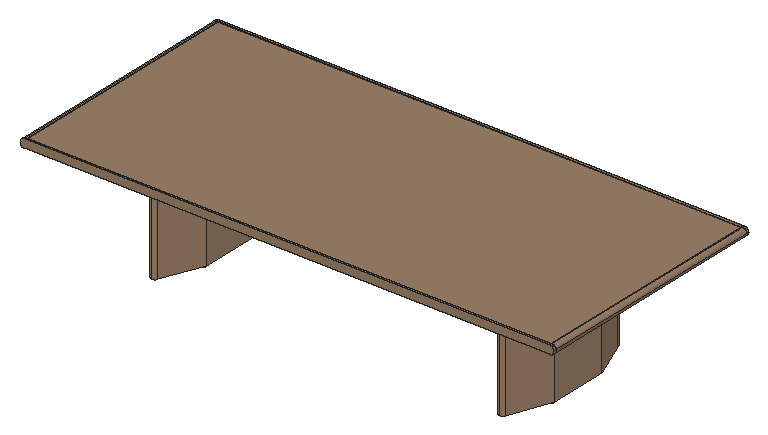
Revit family "Table-Teknion-CFTBFH_Figure_Table_Rectangular_Hexa_Panel_Base_Bullnose_Flat_Edge-R2023", category Furniture, Revit 2023 (continued)
Lines and regions (in)
  symbolic lines, style "FurnitureHiddenLines", visible <- "N - No Central Base", detail levels medium+fine
    curve 306: line (38.26447, -7.932, 0) -> (-38.26447, -7.932, 0)
    curve 307: line (38.69521, -9, 0) -> (-38.69521, -9, 0)
    curve 308: line (-39.47442, -10.932, 0) -> (39.47442, -10.932, 0)
    curve 309: line (39.90516, -12, 0) -> (-39.90516, -12, 0)
  symbolic lines, style "FurnitureHiddenLines", visible <- "H - Hexa Panel", detail levels medium+fine
    curve 326: line (39.90516, 12, 0) -> (3.09484, 12, 0)
    curve 327: line (39.47442, 10.932, 0) -> (3.52558, 10.932, 0)
    curve 328: line (38.69521, 9, 0) -> (4.30479, 9, 0)
    curve 329: line (-38.26447, 7.932, 0) -> (-4.73553, 7.932, 0)
    curve 330: line (38.26447, -7.932, 0) -> (4.73553, -7.932, 0)
    curve 331: line (38.69521, -9, 0) -> (4.30479, -9, 0)
    curve 332: line (-39.47442, -10.932, 0) -> (-3.52558, -10.932, 0)
    curve 333: line (39.90516, -12, 0) -> (3.09484, -12, 0)
    curve 334: line (-3.09484, -12, 0) -> (-39.90516, -12, 0)
    curve 335: line (3.52558, -10.932, 0) -> (39.47442, -10.932, 0)
    curve 336: line (-4.30479, -9, 0) -> (-38.69521, -9, 0)
    curve 337: line (-4.73553, -7.932, 0) -> (-38.26447, -7.932, 0)
    curve 338: line (4.73553, 7.932, 0) -> (38.26447, 7.932, 0)
    curve 339: line (-4.30479, 9, 0) -> (-38.69521, 9, 0)
    curve 340: line (-3.52558, 10.932, 0) -> (-39.47442, 10.932, 0)
    curve 341: line (-3.09484, 12, 0) -> (-39.90516, 12, 0)
Dimensions and locks (in)
  "Width": plane 4 "Left" to plane 5 "Right"
  "Depth": plane 6 "Back" to plane 7 "Front"
  locked: plane 8 "Top" to level at 29
  equal spacing: plane 6 "Back", plane 1 "Center Front/Back", plane 7 "Front"
  equal spacing: plane 4 "Left", plane 3 "Center Left/Right", plane 5 "Right"
  locked: plane 6 "Back" to Sweep 1 sketch curve at 0.56299
  locked: plane 7 "Front" to Sweep 1 sketch curve at 0.56299
  Sweep 1 sketch curve to Sweep 1 sketch curve to plane 5 "Right" = 0.250" locked, 1.000" locked
  plane 8 "Top" to Sweep 1 sketch curve to Sweep 1 sketch curve = 1.000" locked, 1.000" locked  (x2)
  Sweep 1 sketch curve to Sweep 1 sketch curve to plane 4 "Left" = 0.250" locked, 1.000" locked
  locked: plane 8 "Top" to Sweep 2 sketch curve at 2
  locked: plane 4 "Left" to Sweep 2 sketch curve at 1.25
  locked: plane 6 "Back" to Sweep 2 sketch curve at 0.56299
  locked: plane 7 "Front" to Sweep 2 sketch curve at 0.56299
  locked: Sweep 2 sketch curve to plane 5 "Right" at 1.25
  plane 8 "Top" to Sweep 3 sketch curve to Sweep 3 sketch curve = 1.500" locked, 1.000" locked
  locked: plane 4 "Left" to Sweep 3 sketch curve at 6
  locked: plane 7 "Front" to Sweep 3 sketch curve at 6
  locked: plane 6 "Back" to Sweep 3 sketch curve at 6
  locked: Sweep 3 sketch curve to plane 5 "Right" at 6
  Sweep 4 sketch curve to Sweep 4 sketch curve to plane 8 "Top" = 0.750" locked, 1.500" locked
  locked: plane 4 "Left" to Sweep 4 sketch curve at 8
  locked: Sweep 4 sketch curve to plane 5 "Right" at 8
  locked: plane 6 "Back" to Sweep 4 sketch curve at 8
  locked: plane 7 "Front" to Sweep 4 sketch curve at 8
  locked: plane 4 "Left" to Sweep 5 sketch curve at 23
  locked: Sweep 5 sketch curve to plane 5 "Right" at 23
  Sweep 5 sketch curve to Sweep 5 sketch curve to Sweep 5 sketch curve to Sweep 5 sketch curve = 1.068" locked, 1.932" locked, 1.068" locked  (x2)
  plane 8 "Top" to Sweep 5 sketch curve to Sweep 5 sketch curve = 2.250" locked, 8.000" locked
  Sweep 6 sketch curve to Sweep 6 sketch curve to plane 8 "Top" = 14.000" locked, 2.000" locked
  locked: plane 4 "Left" to plane 9 at 23
  locked: plane 10 to plane 5 "Right" at 23
  "Dim 1": plane 9 to plane 11
  "Dim 1": plane 12 to plane 10
  locked: Sweep 7 sketch curve to plane 2 at 14
  "Cut - Central Base - Hexa": Sweep 7 sketch curve to Sweep 7 sketch curve
  Sweep 7 sketch curve to Sweep 7 sketch curve to plane 3 "Center Left/Right" to Sweep 7 sketch curve to Sweep 7 sketch curve = 2.31906" locked, 2.68094" locked, 2.68094" locked, 2.31906" locked  (x2)
  plane 7 "Front" to Sweep 7 sketch curve to Sweep 7 sketch curve = 16.97375" locked, 5.750" locked
  plane 6 "Back" to Sweep 7 sketch curve to Sweep 7 sketch curve = 16.97375" locked, 5.750" locked
  locked: plane 7 "Front" to Sweep 8 sketch curve at 0.56299
  locked: Sweep 8 sketch curve to plane 4 "Left" at 1
  locked: plane 8 "Top" to Sweep 8 sketch curve at 2
  locked: Sweep 8 sketch curve to plane 5 "Right" at 1
  locked: plane 6 "Back" to Sweep 9 sketch curve at 0.56299
  locked: plane 8 "Top" to Sweep 9 sketch curve at 2
  locked: Sweep 9 sketch curve to plane 5 "Right" at 1
  locked: Sweep 9 sketch curve to plane 4 "Left" at 1
  equal spacing: plane 4 "Left", plane 13, plane 14, plane 5 "Right"
  locked: plane 8 "Top" to plane 15 at 1
  locked: plane 8 "Top" to Sweep 10 sketch curve at 5.5
  "Cut - WK - 2 & 3 AF": Sweep 10 sketch curve to Sweep 10 sketch curve
  Sweep 10 sketch curve to Sweep 10 sketch curve to plane 11 to Sweep 10 sketch curve to Sweep 10 sketch curve = 0.500" locked, 8.25004" locked, 8.24996" locked, 0.500" locked
  Sweep 10 sketch curve to Sweep 10 sketch curve to plane 1 "Center Front/Back" to Sweep 10 sketch curve to Sweep 10 sketch curve = 0.500" locked, 3.250" locked, 3.250" locked, 0.500" locked  (x2)
  Sweep 10 sketch curve to Sweep 10 sketch curve to plane 12 to Sweep 10 sketch curve to Sweep 10 sketch curve = 0.500" locked, 8.25004" locked, 8.24996" locked, 0.500" locked
  locked: plane 8 "Top" to Sweep 11 sketch curve at 5.5
  "Cut - WK - 1 & 3 AF": Sweep 11 sketch curve to Sweep 11 sketch curve
  Sweep 11 sketch curve to Sweep 11 sketch curve to plane 3 "Center Left/Right" to Sweep 11 sketch curve to Sweep 11 sketch curve = 0.500" locked, 8.250" locked, 8.250" locked, 0.500" locked
  Sweep 11 sketch curve to Sweep 11 sketch curve to plane 1 "Center Front/Back" to Sweep 11 sketch curve to Sweep 11 sketch curve = 0.500" locked, 3.250" locked, 3.250" locked, 0.500" locked
  locked: Sweep 12 sketch curve to plane 8 "Top" at 2.5
  "Cut - WK - 2 & 3 AF": Sweep 12 sketch curve to Sweep 12 sketch curve
  Sweep 12 sketch curve to Sweep 12 sketch curve to plane 11 to Sweep 12 sketch curve to Sweep 12 sketch curve = 0.3937" locked, 5.52367" locked, 5.52358" locked, 0.3937" locked
  Sweep 12 sketch curve to Sweep 12 sketch curve to plane 1 "Center Front/Back" to Sweep 12 sketch curve to Sweep 12 sketch curve = 0.3937" locked, 2.29921" locked, 2.29921" locked, 0.3937" locked  (x2)
  Sweep 12 sketch curve to Sweep 12 sketch curve to plane 12 to Sweep 12 sketch curve to Sweep 12 sketch curve = 0.3937" locked, 5.52358" locked, 5.52367" locked, 0.3937" locked
  locked: Sweep 13 sketch curve to plane 8 "Top" at 2.5
  "Cut - WK - 1 & 3 AF": Sweep 13 sketch curve to Sweep 13 sketch curve
  Sweep 13 sketch curve to Sweep 13 sketch curve to plane 1 "Center Front/Back" to Sweep 13 sketch curve to Sweep 13 sketch curve = 0.3937" locked, 2.29921" locked, 2.29921" locked, 0.3937" locked
  Sweep 13 sketch curve to Sweep 13 sketch curve to plane 3 "Center Left/Right" to Sweep 13 sketch curve to Sweep 13 sketch curve = 0.3937" locked, 5.52362" locked, 5.52362" locked, 0.3937" locked
  "Cut - Central Base - Softened": Sweep 14 sketch curve to Sweep 14 sketch curve
  locked: plane 8 "Top" to Sweep 14 sketch curve at 14
  Sweep 14 sketch curve to plane 1 "Center Front/Back" to Sweep 14 sketch curve = 13.93709" locked, 13.93709" locked
  Sweep 14 sketch curve to plane 3 "Center Left/Right" to Sweep 14 sketch curve = 5.000" locked, 5.000" locked
  "Dim 2": plane 7 "Front" to Sweep 5 sketch curve
  "Dim 2": Sweep 5 sketch curve to plane 6 "Back"
  "Dim 2": plane 6 "Back" to Sweep 6 sketch curve
  locked: Sweep 6 sketch curve to Sweep 6 sketch curve at 4.068  (x4)
  plane 9 to Sweep 6 sketch curve to Sweep 6 sketch curve = 3.09484" locked, 1.64068" locked  (x2)
  "Dim 2": Sweep 6 sketch curve to plane 7 "Front"
  plane 10 to Sweep 6 sketch curve to Sweep 6 sketch curve = 3.09484" locked, 1.64068" locked  (x2)
  "Dim 2": Sweep 6 sketch curve to plane 6 "Back"
  "Dim 2": plane 7 "Front" to Sweep 6 sketch curve
  aligned and locked: level to plane 2
  aligned and locked: Sweep 1 sketch curve to plane 3 "Center Left/Right"
  aligned and locked: Sweep 1 sketch curve to plane 8 "Top"
  aligned and locked: plane 8 "Top" to Sweep 1 sketch curve
  aligned and locked: Sweep 2 sketch curve to plane 3 "Center Left/Right"
  aligned and locked: plane 8 "Top" to Sweep 2 sketch curve
  aligned and locked: Sweep 3 sketch curve to plane 3 "Center Left/Right"
  aligned and locked: Sweep 4 sketch curve to plane 3 "Center Left/Right"
  aligned and locked: plane 1 "Center Front/Back" to Sweep 5 sketch curve
  aligned and locked: Sweep 5 sketch curve to Sweep 5 sketch curve  (x2)
  aligned and locked: Sweep 6 sketch curve to plane 3 "Center Left/Right"
  aligned and locked: plane 1 "Center Front/Back" to nested 1
  aligned and locked: plane 1 "Center Front/Back" to nested 2
  aligned and locked: plane 9 to nested 2
  aligned and locked: nested 1 to plane 10
  aligned and locked: plane 3 "Center Left/Right" to nested 3
  aligned and locked: plane 1 "Center Front/Back" to nested 3
  aligned and locked: nested 3 to Sweep 7 sketch curve
  aligned and locked: plane 3 "Center Left/Right" to Sweep 8 sketch curve
  aligned and locked: plane 7 "Front" to Sweep 8 sketch curve
  aligned and locked: plane 8 "Top" to Sweep 8 sketch curve
  aligned and locked: plane 4 "Left" to Sweep 8 sketch curve
  aligned and locked: plane 5 "Right" to Sweep 8 sketch curve
  aligned and locked: Sweep 9 sketch curve to plane 3 "Center Left/Right"
  aligned and locked: plane 6 "Back" to Sweep 9 sketch curve
  aligned and locked: plane 8 "Top" to Sweep 9 sketch curve
  aligned and locked: plane 5 "Right" to Sweep 9 sketch curve
  aligned and locked: plane 4 "Left" to Sweep 9 sketch curve
  aligned and locked: Sweep 10 sketch curve to plane 3 "Center Left/Right"
  aligned and locked: plane 3 "Center Left/Right" to Sweep 11 sketch curve
  aligned and locked: plane 11 to nested 5
  aligned and locked: plane 3 "Center Left/Right" to nested 6
  aligned and locked: nested 4 to plane 12
  aligned and locked: plane 8 "Top" to nested 5
  aligned and locked: plane 8 "Top" to nested 6
  aligned and locked: plane 8 "Top" to nested 4
  aligned and locked: Sweep 12 sketch curve to plane 3 "Center Left/Right"
  aligned and locked: plane 3 "Center Left/Right" to Sweep 13 sketch curve
  aligned and locked: plane 3 "Center Left/Right" to Sweep 14 sketch curve
  aligned and locked: plane 1 "Center Front/Back" to nested 5
  aligned and locked: plane 1 "Center Front/Back" to nested 6
  aligned and locked: plane 1 "Center Front/Back" to nested 4
  aligned and locked: plane 3 "Center Left/Right" to nested 7
  aligned and locked: plane 1 "Center Front/Back" to nested 7
  aligned and locked: Sweep 6 sketch curve to nested 2
  aligned and locked: plane 9 to Sweep 6 sketch curve
  aligned and locked: curve 1 to plane 8 "Top"
  aligned and locked: curve 2 to curve 1
  aligned and locked: curve 3 to curve 1
  aligned and locked: Sweep 12 to curve 4
  aligned and locked: curve 5 to Sweep 12
  aligned and locked: curve 6 to plane 8 "Top"
  aligned and locked: curve 7 to plane 8 "Top"
  aligned and locked: plane 4 "Left" to Masking region 1 sketch curve
  aligned and locked: plane 5 "Right" to Masking region 1 sketch curve
  aligned and locked: Masking region 1 sketch curve to plane 6 "Back"
  aligned and locked: Masking region 1 sketch curve to plane 7 "Front"
  aligned and locked: plane 5 "Right" to Masking region 2 sketch curve
  aligned and locked: plane 7 "Front" to Masking region 2 sketch curve
  aligned and locked: Masking region 2 sketch curve to plane 4 "Left"
  aligned and locked: Masking region 2 sketch curve to plane 6 "Back"
  aligned and locked: Masking region 2 sketch curve to nested 6  (x4)
  aligned and locked: Masking region 3 sketch curve to plane 6 "Back"
  aligned and locked: plane 7 "Front" to Masking region 3 sketch curve
  aligned and locked: plane 5 "Right" to Masking region 3 sketch curve
  aligned and locked: Masking region 3 sketch curve to plane 4 "Left"
  aligned and locked: Masking region 3 sketch curve to nested 5  (x4)
  aligned and locked: Masking region 3 sketch curve to nested 4  (x4)
  aligned and locked: Masking region 4 sketch curve to plane 6 "Back"
  aligned and locked: plane 7 "Front" to Masking region 4 sketch curve
  aligned and locked: plane 5 "Right" to Masking region 4 sketch curve
  aligned and locked: Masking region 4 sketch curve to plane 4 "Left"
  aligned and locked: Masking region 4 sketch curve to nested 5  (x4)
  aligned and locked: Masking region 4 sketch curve to nested 6  (x4)
  aligned and locked: Masking region 4 sketch curve to nested 4  (x4)
  aligned and locked: Masking region 5 sketch curve to nested 5  (x12)
  aligned and locked: nested 5 to Masking region 5 sketch curve  (x5)
  aligned and locked: Masking region 5 sketch curve to nested 4  (x14)
  aligned and locked: nested 4 to Masking region 5 sketch curve  (x6)
  aligned and locked: Masking region 6 sketch curve to nested 6  (x14)
  aligned and locked: nested 6 to Masking region 6 sketch curve  (x5)
  aligned and locked: nested 3 to Masking region 7 sketch curve  (x2)
  aligned and locked: Masking region 7 sketch curve to nested 6
  aligned and locked: nested 6 to Masking region 7 sketch curve  (x3)
  aligned and locked: Masking region 7 sketch curve to nested 3  (x2)
  aligned and locked: Sweep 14 to Masking region 8 sketch curve  (x2)
  aligned and locked: nested 6 to Masking region 8 sketch curve  (x7)
  aligned and locked: Masking region 8 sketch curve to nested 7  (x4)
  aligned and locked: Masking region 8 sketch curve to Sweep 14  (x2)
  aligned and locked: Masking region 8 sketch curve to nested 6
  aligned and locked: nested 6 to Masking region 9 sketch curve  (x8)
  aligned and locked: nested 7 to Masking region 9 sketch curve  (x4)
  aligned and locked: Masking region 9 sketch curve to Sweep 14  (x4)
  aligned and locked: curve 8 to nested 5
  aligned and locked: curve 9 to nested 5
  aligned and locked: curve 10 to nested 5
  aligned and locked: curve 11 to nested 5
  aligned and locked: curve 12 to nested 6
  aligned and locked: curve 13 to nested 6
  aligned and locked: curve 14 to nested 6
  aligned and locked: curve 15 to nested 6
  aligned and locked: curve 16 to nested 4
  aligned and locked: curve 17 to nested 4
  aligned and locked: curve 18 to nested 4
  aligned and locked: curve 19 to nested 4
  aligned and locked: curve 21 to nested 5
  aligned and locked: curve 23 to nested 5
  aligned and locked: curve 25 to nested 5
  aligned and locked: curve 27 to nested 5
  aligned and locked: curve 28 to nested 5
  aligned and locked: curve 29 to nested 5
  aligned and locked: curve 30 to nested 5
  aligned and locked: curve 31 to nested 5
  aligned and locked: curve 32 to nested 5
  aligned and locked: curve 33 to nested 5
  aligned and locked: curve 34 to nested 5
  aligned and locked: curve 35 to nested 5
  aligned and locked: curve 36 to nested 5
  aligned and locked: curve 37 to nested 5
  aligned and locked: curve 38 to nested 5
  aligned and locked: curve 39 to nested 5
  aligned and locked: curve 40 to nested 5
  aligned and locked: curve 41 to nested 5
  aligned and locked: curve 42 to nested 5
  aligned and locked: curve 43 to nested 5
  aligned and locked: curve 44 to nested 5
  aligned and locked: curve 45 to nested 5
  aligned and locked: curve 46 to nested 5
  aligned and locked: curve 47 to nested 5
  aligned and locked: curve 49 to nested 6
  aligned and locked: curve 51 to nested 6
  aligned and locked: curve 53 to nested 6
  aligned and locked: curve 55 to nested 6
  aligned and locked: curve 56 to nested 6
  aligned and locked: curve 57 to nested 6
  aligned and locked: curve 58 to nested 6
  aligned and locked: curve 59 to nested 6
  aligned and locked: curve 60 to nested 6
  aligned and locked: curve 61 to nested 6
  aligned and locked: curve 62 to nested 6
  aligned and locked: curve 63 to nested 6
  aligned and locked: curve 64 to nested 6
  aligned and locked: curve 65 to nested 6
  aligned and locked: curve 66 to nested 6
  aligned and locked: curve 67 to nested 6
  aligned and locked: curve 68 to nested 6
  aligned and locked: curve 69 to nested 6
  aligned and locked: curve 70 to nested 6
  aligned and locked: curve 71 to nested 6
  aligned and locked: curve 72 to nested 6
  aligned and locked: curve 73 to nested 6
  aligned and locked: curve 74 to nested 6
  aligned and locked: curve 75 to nested 6
  aligned and locked: curve 77 to nested 4
  aligned and locked: curve 79 to nested 4
  aligned and locked: curve 81 to nested 4
  aligned and locked: curve 83 to nested 4
  aligned and locked: curve 84 to nested 4
  aligned and locked: curve 85 to nested 4
  aligned and locked: curve 86 to nested 4
  aligned and locked: curve 87 to nested 4
  aligned and locked: curve 88 to nested 4
  aligned and locked: curve 89 to nested 4
  aligned and locked: curve 90 to nested 4
  aligned and locked: curve 91 to nested 4
  aligned and locked: curve 92 to nested 4
  aligned and locked: curve 93 to nested 4
  aligned and locked: curve 94 to nested 4
  aligned and locked: curve 95 to nested 4
  aligned and locked: curve 96 to nested 4
  aligned and locked: curve 97 to nested 4
  aligned and locked: curve 98 to nested 4
  aligned and locked: curve 99 to nested 4
  aligned and locked: curve 100 to nested 4
  aligned and locked: curve 101 to nested 4
  aligned and locked: curve 102 to nested 4
  aligned and locked: curve 103 to nested 4
  aligned and locked: curve 105 to Sweep 12
  aligned and locked: curve 107 to Sweep 12
  aligned and locked: curve 109 to Sweep 12
  aligned and locked: curve 111 to Sweep 12
  aligned and locked: curve 113 to Sweep 13
  aligned and locked: curve 115 to Sweep 13
  aligned and locked: curve 117 to Sweep 13
  aligned and locked: curve 119 to Sweep 13
  aligned and locked: curve 121 to Sweep 12
  aligned and locked: curve 123 to Sweep 12
  aligned and locked: curve 125 to Sweep 12
  aligned and locked: curve 127 to Sweep 12
  aligned and locked: curve 128 to cut or joined group of Sweep 2, Sweep 3, Sweep 4, Sweep 10, Sweep 11, Sweep 12, Sweep 13
  aligned and locked: Sweep 1 to curve 129
  aligned and locked: curve 130 to cut or joined group of Sweep 2, Sweep 3, Sweep 4, Sweep 10, Sweep 11, Sweep 12, Sweep 13
  aligned and locked: Sweep 1 to curve 131
  aligned and locked: curve 132 to cut or joined group of Sweep 2, Sweep 3, Sweep 4, Sweep 10, Sweep 11, Sweep 12, Sweep 13
  aligned and locked: curve 133 to cut or joined group of Sweep 2, Sweep 3, Sweep 4, Sweep 10, Sweep 11, Sweep 12, Sweep 13
  aligned and locked: curve 134 to cut or joined group of Sweep 2, Sweep 3, Sweep 4, Sweep 10, Sweep 11, Sweep 12, Sweep 13
  aligned and locked: curve 135 to cut or joined group of Sweep 2, Sweep 3, Sweep 4, Sweep 10, Sweep 11, Sweep 12, Sweep 13
  aligned and locked: curve 136 to cut or joined group of Sweep 2, Sweep 3, Sweep 4, Sweep 10, Sweep 11, Sweep 12, Sweep 13
  aligned and locked: curve 137 to cut or joined group of Sweep 2, Sweep 3, Sweep 4, Sweep 10, Sweep 11, Sweep 12, Sweep 13
  aligned and locked: curve 138 to cut or joined group of Sweep 2, Sweep 3, Sweep 4, Sweep 10, Sweep 11, Sweep 12, Sweep 13
  aligned and locked: curve 139 to cut or joined group of Sweep 2, Sweep 3, Sweep 4, Sweep 10, Sweep 11, Sweep 12, Sweep 13
  aligned and locked: curve 141 to nested 7
  aligned and locked: curve 143 to nested 7
  aligned and locked: curve 145 to nested 7
  aligned and locked: curve 147 to nested 7
  aligned and locked: curve 148 to nested 7
  aligned and locked: curve 149 to nested 7
  aligned and locked: curve 150 to nested 7
  aligned and locked: curve 151 to nested 7
  aligned and locked: curve 155 to nested 7
  aligned and locked: curve 156 to nested 7
  aligned and locked: curve 157 to nested 7
  aligned and locked: curve 158 to nested 7
  aligned and locked: curve 160 to nested 7
  aligned and locked: curve 161 to nested 7
  aligned and locked: curve 162 to nested 7
  aligned and locked: curve 163 to nested 7
  aligned and locked: curve 164 to nested 7
  aligned and locked: curve 165 to nested 7
  aligned and locked: curve 166 to nested 7
  aligned and locked: curve 167 to nested 7
  aligned and locked: curve 168 to nested 7
  aligned and locked: curve 169 to nested 7
  aligned and locked: curve 170 to nested 7
  aligned and locked: curve 171 to nested 7
  aligned and locked: curve 174 to nested 7
  aligned and locked: curve 175 to nested 7
  aligned and locked: curve 176 to nested 7
  aligned and locked: curve 177 to nested 7
  aligned and locked: curve 178 to nested 7
  aligned and locked: curve 179 to nested 7
  aligned and locked: curve 180 to nested 7
  aligned and locked: curve 181 to nested 7
  aligned and locked: curve 182 to nested 7
  aligned and locked: curve 183 to nested 7
  aligned and locked: curve 184 to nested 7
  aligned and locked: curve 185 to nested 7
  aligned and locked: curve 186 to nested 7
  aligned and locked: curve 187 to nested 7
  aligned and locked: curve 188 to nested 7
  aligned and locked: curve 189 to nested 7
  aligned and locked: curve 191 to Sweep 10
  aligned and locked: curve 193 to Sweep 10
  aligned and locked: curve 195 to Sweep 10
  aligned and locked: curve 197 to Sweep 10
  aligned and locked: curve 199 to Sweep 10
  aligned and locked: curve 201 to Sweep 10
  aligned and locked: curve 203 to Sweep 10
  aligned and locked: curve 205 to Sweep 10
  aligned and locked: curve 207 to Sweep 11
  aligned and locked: curve 209 to Sweep 11
  aligned and locked: curve 211 to Sweep 11
  aligned and locked: curve 213 to Sweep 11
  aligned and locked: curve 214 to plane 6 "Back"
  aligned and locked: plane 7 "Front" to curve 215
  aligned and locked: curve 216 to plane 4 "Left"
  aligned and locked: plane 5 "Right" to curve 217
  aligned and locked: curve 218 to nested 2
  aligned and locked: curve 219 to nested 2
  aligned and locked: curve 220 to nested 2
  aligned and locked: curve 221 to nested 2
  aligned and locked: curve 222 to nested 2
  aligned and locked: curve 223 to nested 2
  aligned and locked: curve 224 to nested 2
  aligned and locked: curve 225 to nested 2
  aligned and locked: curve 226 to nested 1
  aligned and locked: curve 227 to nested 1
  aligned and locked: curve 228 to nested 1
  aligned and locked: curve 229 to nested 1
  aligned and locked: curve 230 to nested 1
  aligned and locked: curve 231 to nested 1
  aligned and locked: curve 232 to nested 1
  aligned and locked: curve 233 to nested 1
  aligned and locked: curve 234 to nested 3
  aligned and locked: curve 235 to nested 3
  aligned and locked: curve 236 to nested 3
  aligned and locked: curve 237 to nested 3
  aligned and locked: curve 238 to nested 3
  aligned and locked: curve 239 to nested 3
  aligned and locked: curve 240 to nested 3
  aligned and locked: curve 241 to nested 3
  aligned and locked: curve 242 to nested 2
  aligned and locked: curve 243 to nested 2
  aligned and locked: curve 244 to nested 2
  aligned and locked: curve 245 to nested 2
  aligned and locked: curve 246 to nested 2
  aligned and locked: curve 247 to nested 2
  aligned and locked: curve 248 to nested 2
  aligned and locked: curve 249 to nested 2
  aligned and locked: curve 250 to nested 3
  aligned and locked: curve 251 to nested 3
  aligned and locked: curve 252 to nested 3
  aligned and locked: curve 253 to nested 3
  aligned and locked: curve 254 to nested 3
  aligned and locked: curve 255 to nested 3
  aligned and locked: curve 256 to nested 3
  aligned and locked: curve 257 to nested 3
  aligned and locked: curve 258 to nested 1
  aligned and locked: curve 259 to nested 1
  aligned and locked: curve 260 to nested 1
  aligned and locked: curve 261 to nested 1
  aligned and locked: curve 262 to nested 1
  aligned and locked: curve 263 to nested 1
  aligned and locked: curve 264 to nested 1
  aligned and locked: curve 265 to nested 1
  aligned and locked: curve 266 to nested 2
  aligned and locked: curve 267 to nested 2
  aligned and locked: curve 268 to nested 2
  aligned and locked: curve 269 to nested 2
  aligned and locked: curve 270 to nested 2
  aligned and locked: curve 271 to nested 2
  aligned and locked: curve 272 to nested 2
  aligned and locked: curve 273 to nested 2
  aligned and locked: curve 274 to nested 2
  aligned and locked: curve 275 to nested 2
  aligned and locked: curve 276 to nested 2
  aligned and locked: curve 277 to nested 2
  aligned and locked: curve 278 to nested 1
  aligned and locked: curve 279 to nested 1
  aligned and locked: curve 280 to nested 1
  aligned and locked: curve 281 to nested 1
  aligned and locked: curve 282 to nested 1
  aligned and locked: curve 283 to nested 1
  aligned and locked: curve 284 to nested 1
  aligned and locked: curve 285 to nested 1
  aligned and locked: curve 286 to nested 1
  aligned and locked: curve 287 to nested 1
  aligned and locked: curve 288 to nested 1
  aligned and locked: curve 289 to nested 1
  aligned and locked: curve 290 to nested 3
  aligned and locked: curve 291 to nested 3
  aligned and locked: curve 292 to nested 3
  aligned and locked: curve 293 to nested 3
  aligned and locked: curve 294 to nested 3
  aligned and locked: curve 295 to nested 3
  aligned and locked: curve 296 to nested 3
  aligned and locked: curve 297 to nested 3
  aligned and locked: curve 298 to nested 3
  aligned and locked: curve 299 to nested 3
  aligned and locked: curve 300 to nested 3
  aligned and locked: curve 301 to nested 3
  aligned and locked: curve 302 to cut or joined group of Sweep 5, Sweep 6, Sweep 7, Sweep 14
  aligned and locked: curve 303 to cut or joined group of Sweep 5, Sweep 6, Sweep 7, Sweep 14
  aligned and locked: curve 304 to cut or joined group of Sweep 5, Sweep 6, Sweep 7, Sweep 14
  aligned and locked: curve 305 to cut or joined group of Sweep 5, Sweep 6, Sweep 7, Sweep 14
  aligned and locked: curve 306 to cut or joined group of Sweep 5, Sweep 6, Sweep 7, Sweep 14
  aligned and locked: curve 307 to cut or joined group of Sweep 5, Sweep 6, Sweep 7, Sweep 14
  aligned and locked: curve 308 to cut or joined group of Sweep 5, Sweep 6, Sweep 7, Sweep 14
  aligned and locked: curve 309 to cut or joined group of Sweep 5, Sweep 6, Sweep 7, Sweep 14
  aligned and locked: curve 310 to cut or joined group of Sweep 5, Sweep 6, Sweep 7, Sweep 14
  aligned and locked: curve 311 to cut or joined group of Sweep 5, Sweep 6, Sweep 7, Sweep 14
  aligned and locked: curve 312 to cut or joined group of Sweep 5, Sweep 6, Sweep 7, Sweep 14
  aligned and locked: curve 313 to cut or joined group of Sweep 5, Sweep 6, Sweep 7, Sweep 14
  aligned and locked: curve 314 to cut or joined group of Sweep 5, Sweep 6, Sweep 7, Sweep 14
  aligned and locked: curve 315 to cut or joined group of Sweep 5, Sweep 6, Sweep 7, Sweep 14
  aligned and locked: curve 316 to cut or joined group of Sweep 5, Sweep 6, Sweep 7, Sweep 14
  aligned and locked: curve 317 to cut or joined group of Sweep 5, Sweep 6, Sweep 7, Sweep 14
  aligned and locked: cut or joined group of Sweep 5, Sweep 6, Sweep 7, Sweep 14 to curve 325
  aligned and locked: cut or joined group of Sweep 5, Sweep 6, Sweep 7, Sweep 14 to curve 323
  aligned and locked: cut or joined group of Sweep 5, Sweep 6, Sweep 7, Sweep 14 to curve 322
  aligned and locked: cut or joined group of Sweep 5, Sweep 6, Sweep 7, Sweep 14 to curve 324
  aligned and locked: cut or joined group of Sweep 5, Sweep 6, Sweep 7, Sweep 14 to curve 318
  aligned and locked: cut or joined group of Sweep 5, Sweep 6, Sweep 7, Sweep 14 to curve 319
  aligned and locked: cut or joined group of Sweep 5, Sweep 6, Sweep 7, Sweep 14 to curve 320
  aligned and locked: cut or joined group of Sweep 5, Sweep 6, Sweep 7, Sweep 14 to curve 321
  aligned and locked: curve 326 to cut or joined group of Sweep 5, Sweep 6, Sweep 7, Sweep 14
  aligned and locked: curve 327 to cut or joined group of Sweep 5, Sweep 6, Sweep 7, Sweep 14
  aligned and locked: curve 328 to cut or joined group of Sweep 5, Sweep 6, Sweep 7, Sweep 14
  aligned and locked: curve 329 to cut or joined group of Sweep 5, Sweep 6, Sweep 7, Sweep 14
  aligned and locked: curve 330 to cut or joined group of Sweep 5, Sweep 6, Sweep 7, Sweep 14
  aligned and locked: curve 331 to cut or joined group of Sweep 5, Sweep 6, Sweep 7, Sweep 14
  aligned and locked: curve 332 to cut or joined group of Sweep 5, Sweep 6, Sweep 7, Sweep 14
  aligned and locked: curve 333 to cut or joined group of Sweep 5, Sweep 6, Sweep 7, Sweep 14
  aligned and locked: cut or joined group of Sweep 5, Sweep 6, Sweep 7, Sweep 14 to curve 334
  aligned and locked: cut or joined group of Sweep 5, Sweep 6, Sweep 7, Sweep 14 to curve 335
  aligned and locked: cut or joined group of Sweep 5, Sweep 6, Sweep 7, Sweep 14 to curve 336
  aligned and locked: cut or joined group of Sweep 5, Sweep 6, Sweep 7, Sweep 14 to curve 337
  aligned and locked: cut or joined group of Sweep 5, Sweep 6, Sweep 7, Sweep 14 to curve 338
  aligned and locked: cut or joined group of Sweep 5, Sweep 6, Sweep 7, Sweep 14 to curve 339
  aligned and locked: cut or joined group of Sweep 5, Sweep 6, Sweep 7, Sweep 14 to curve 340
  aligned and locked: cut or joined group of Sweep 5, Sweep 6, Sweep 7, Sweep 14 to curve 341
  aligned and locked: plane 3 "Center Left/Right" to nested 8
  aligned and locked: plane 1 "Center Front/Back" to nested 8
  aligned and locked: plane 7 "Front" to curve 342
  aligned and locked: plane 6 "Back" to curve 345
  aligned and locked: curve 344 to cut or joined group of Sweep 2, Sweep 3, Sweep 4, Sweep 10, Sweep 11, Sweep 12, Sweep 13
  aligned and locked: Sweep 1 to curve 344
  aligned and locked: cut or joined group of Sweep 2, Sweep 3, Sweep 4, Sweep 10, Sweep 11, Sweep 12, Sweep 13 to curve 343
  aligned and locked: curve 343 to Sweep 1
  aligned and locked: curve 348 to cut or joined group of Sweep 2, Sweep 3, Sweep 4, Sweep 10, Sweep 11, Sweep 12, Sweep 13
  aligned and locked: Sweep 1 to curve 348
  aligned and locked: plane 6 "Back" to curve 349
  aligned and locked: plane 7 "Front" to curve 346
  aligned and locked: curve 347 to Sweep 1
  aligned and locked: cut or joined group of Sweep 2, Sweep 3, Sweep 4, Sweep 10, Sweep 11, Sweep 12, Sweep 13 to curve 347
  aligned and locked: curve 352 to cut or joined group of Sweep 2, Sweep 3, Sweep 4, Sweep 10, Sweep 11, Sweep 12, Sweep 13
  aligned and locked: cut or joined group of Sweep 2, Sweep 3, Sweep 4, Sweep 10, Sweep 11, Sweep 12, Sweep 13 to curve 351
  aligned and locked: curve 351 to Sweep 1
  aligned and locked: plane 7 "Front" to curve 350
  aligned and locked: Sweep 1 to curve 352
  aligned and locked: plane 6 "Back" to curve 353
Automatic sketch dimensions
  Sweep 1 sketch curve to Sweep 1 sketch curve = 0.000"  (x2)
  Sweep 8 sketch curve to Sweep 8 sketch curve = 0.000"  (x2)
  Sweep 9 sketch curve to Sweep 9 sketch curve = 0.000"  (x2)
  Sweep 6 sketch curve to Sweep 6 sketch curve = 3.09484"  (x2)
  curve 6 to plane 6 "Back" = 0.000"
  curve 4 to plane 15 = 0.500"
  curve 5 to plane 15 = 1.000"
  curve 10 to curve 11 = 0.07208"
  curve 8 to curve 27 = 0.000"
  curve 21 to curve 11 = 0.000"
  curve 11 to curve 22 = 0.000"
  curve 8 to curve 25 = 0.000"
  curve 8 to curve 9 = 0.07208"
  curve 9 to curve 29 = 0.29867"
  curve 28 to curve 9 = 0.29867"
  curve 10 to curve 41 = 0.29724"
  curve 40 to curve 10 = 0.29724"
  curve 49 to curve 15 = 0.000"
  curve 54 to curve 12 = 0.000"  (x2)
  curve 15 to curve 50 = 0.000"
  curve 13 to curve 58 = 0.29867"
  curve 56 to curve 13 = 0.29867"
  curve 14 to curve 66 = 0.29724"
  curve 68 to curve 14 = 0.29724"
  curve 77 to curve 19 = 0.000"
  curve 82 to curve 16 = 0.000"
  curve 79 to curve 19 = 0.000"
  curve 16 to curve 81 = 0.000"
  curve 17 to curve 85 = 0.29867"
  curve 85 to curve 17 = 0.29867"
  curve 18 to curve 94 = 0.29724"
  curve 96 to curve 18 = 0.29724"
  curve 130 to plane 5 "Right" = 0.000"
  curve 131 to plane 7 "Front" = 0.56299"
  curve 128 to plane 5 "Right" = 0.000"
  curve 131 to plane 6 "Back" = 0.56299"
  curve 128 to plane 4 "Left" = 0.000"
  curve 129 to plane 6 "Back" = 0.56299"
  curve 130 to plane 4 "Left" = 0.000"
  curve 129 to plane 7 "Front" = 0.56299"
  curve 174 to curve 163 = 0.000"
  curve 174 to curve 162 = 0.000"
  curve 175 to curve 157 = 0.000"
  curve 175 to curve 158 = 0.000"
  curve 176 to curve 158 = 0.000"
  curve 182 to curve 182 = 0.000"
  curve 143 to curve 182 = 0.354"
  curve 141 to curve 184 = 0.354"
  curve 185 to curve 184 = 0.000"
  curve 187 to curve 186 = 0.000"
  curve 187 to curve 147 = 0.354"
  curve 189 to curve 145 = 0.354"
  curve 188 to curve 189 = 0.000"
  curve 318 to plane 3 "Center Left/Right" = 5.000"
  plane 3 "Center Left/Right" to curve 311 = 5.000"
  curve 312 to curve 321 = 0.000"
  plane 3 "Center Left/Right" to curve 317 = 5.000"
  plane 3 "Center Left/Right" to curve 310 = 5.000"
  curve 319 to curve 318 = 0.000"
  plane 3 "Center Left/Right" to curve 312 = 5.000"
  curve 313 to curve 236 = 0.000"
  plane 3 "Center Left/Right" to curve 315 = 5.000"
  curve 314 to curve 315 = 0.000"
  curve 316 to curve 323 = 0.000"
  curve 325 to curve 316 = 0.000"
  curve 324 to curve 317 = 0.000"
  curve 325 to curve 334 = 1.90516"
  curve 322 to curve 337 = 0.26447"
  curve 320 to curve 339 = 0.69521"
  plane 1 "Center Front/Back" to curve 1 = 2.69291"
  plane 8 "Top" to curve 353 = 0.000"
Nested families (in)
  nested 1: "Hexa Panel" at (43, 0, 0), Panel Width <- "Panel Width", Base Finish <- "Base Finish", Glide Finish <- "Glide Finish", type "Hexa Panel"
    with To render please download texture images found here "https://assets.teknion.com/web/5e81352c1dfdb467/revit-material-swatches/", Panel Width 36.000", How To Use Teknion Materials User Guide "https://assets.teknion.com/m/205dd0a49fa58060/original/How-to-add-a-Material-Library-and-Texture-Images-to-your-Revit-project.pdf", Glide Finish Paint - Teknion - Foundation - Sand, For Additional Finishes please visit "https://assets.teknion.com/m/44a8009b046e5d47/original/Teknion_Materials_Library.zip", Base Finish Veneer-Teknion-LX-Natural_Veneer_V3-Sierra_Flat_Cut
  nested 2: "Hexa Panel" at (-43, 0, 0), Panel Width <- "Panel Width", Base Finish <- "Base Finish", Glide Finish <- "Glide Finish", type "Hexa Panel"
    with To render please download texture images found here "https://assets.teknion.com/web/5e81352c1dfdb467/revit-material-swatches/", Panel Width 36.000", How To Use Teknion Materials User Guide "https://assets.teknion.com/m/205dd0a49fa58060/original/How-to-add-a-Material-Library-and-Texture-Images-to-your-Revit-project.pdf", Glide Finish Paint - Teknion - Foundation - Sand, For Additional Finishes please visit "https://assets.teknion.com/m/44a8009b046e5d47/original/Teknion_Materials_Library.zip", Base Finish Veneer-Teknion-LX-Natural_Veneer_V3-Sierra_Flat_Cut
  nested 3: "Hexa Panel" at (0, 0, 0), Panel Width <- "Panel Width", visible <- "2D - Hexa Panel", Base Finish <- "Base Finish", Glide Finish <- "Glide Finish", type "Hexa Panel"
    with To render please download texture images found here "https://assets.teknion.com/web/5e81352c1dfdb467/revit-material-swatches/", Panel Width 36.000", How To Use Teknion Materials User Guide "https://assets.teknion.com/m/205dd0a49fa58060/original/How-to-add-a-Material-Library-and-Texture-Images-to-your-Revit-project.pdf", Glide Finish Paint - Teknion - Foundation - Sand, For Additional Finishes please visit "https://assets.teknion.com/m/44a8009b046e5d47/original/Teknion_Materials_Library.zip", Base Finish Veneer-Teknion-LX-Natural_Veneer_V3-Sierra_Flat_Cut
  nested 4: "12 Inch Standard Recessed Access Door" at (-1310, 150, -0.06), Finish <- "Power Cover Finish", visible <- "Power - 2 & 3", type "12 Inch Compact Recessed Access Door"
    with To render please download texture images found here "https://assets.teknion.com/web/5e81352c1dfdb467/revit-material-swatches/", How To Use Teknion Materials User Guide "https://assets.teknion.com/m/205dd0a49fa58060/original/How-to-add-a-Material-Library-and-Texture-Images-to-your-Revit-project.pdf", For Additional Finishes please visit "https://assets.teknion.com/m/44a8009b046e5d47/original/Teknion_Materials_Library.zip", Finish Paint - Teknion - Foundation - Sand
  nested 5: "12 Inch Standard Recessed Access Door" at (-1390, 150, -0.06), Finish <- "Power Cover Finish", visible <- "Power - 2 & 3", type "12 Inch Compact Recessed Access Door"
    with To render please download texture images found here "https://assets.teknion.com/web/5e81352c1dfdb467/revit-material-swatches/", How To Use Teknion Materials User Guide "https://assets.teknion.com/m/205dd0a49fa58060/original/How-to-add-a-Material-Library-and-Texture-Images-to-your-Revit-project.pdf", For Additional Finishes please visit "https://assets.teknion.com/m/44a8009b046e5d47/original/Teknion_Materials_Library.zip", Finish Paint - Teknion - Foundation - Sand
  nested 6: "12 Inch Standard Recessed Access Door" at (-1350, 150, -0.06), Finish <- "Power Cover Finish", visible <- "Power - 1 & 3", type "12 Inch Compact Recessed Access Door"
    with To render please download texture images found here "https://assets.teknion.com/web/5e81352c1dfdb467/revit-material-swatches/", How To Use Teknion Materials User Guide "https://assets.teknion.com/m/205dd0a49fa58060/original/How-to-add-a-Material-Library-and-Texture-Images-to-your-Revit-project.pdf", For Additional Finishes please visit "https://assets.teknion.com/m/44a8009b046e5d47/original/Teknion_Materials_Library.zip", Finish Paint - Teknion - Foundation - Sand
  nested 7: "Softened Panel" at (0, 0, 0), Panel Width <- "Panel Width", visible <- "S - Softened Panel", Base Finish <- "Base Finish", Glide Finish <- "Glide Finish", type "Softened Panel"
    with To render please download texture images found here "https://assets.teknion.com/web/5e81352c1dfdb467/revit-material-swatches/", Panel Width 36.000", How To Use Teknion Materials User Guide "https://assets.teknion.com/m/205dd0a49fa58060/original/How-to-add-a-Material-Library-and-Texture-Images-to-your-Revit-project.pdf", Glide Finish Paint - Teknion - Foundation - Sand, For Additional Finishes please visit "https://assets.teknion.com/m/44a8009b046e5d47/original/Teknion_Materials_Library.zip", Cut 3 0.300", Cut 2 0.300", Cut 1 15.000", Base Finish Veneer-Teknion-LX-Natural_Veneer_V3-Sierra_Flat_Cut, 2D - 36W yes, 2D - 30W no
  nested 8: "Teknion_2D_Node_Family-R2016" at (0, 0, 0), type "Teknion_2D_Node_Family-R2016"
Definition of nested family "Hexa Panel"
  Parameters (values of type "Hexa Panel")
    Warranty = "http://www.teknion.com/ca/papers/legal-canada"
    Unit Weight URL = "http://www.teknion.com/ca/tools/assets#&asset=bee6a381-b954-425e-8283-5a2de3a804f2,f828d448-4b62-4231-9e5f-9a8991c0ed77"
    URL = "www.teknion.com"
    To render please download texture images found here [instance] = "https://assets.teknion.com/web/5e81352c1dfdb467/revit-material-swatches/"
    Sustainability Data = "https://www.teknion.com/ca/tools/assets#&topic=216f99a5-57a0-44fc-b10a-9dee9b29ae4c&asset=444deb64-fe58-4b68-981e-f75e97781df7,b4ff2d81-9f2e-437d-9659-7cffb09c31cf"
    Series = ""
    Product Page URL = ""
    Product Line = ""
    Product Documentation Link = ""
    Part Number = ""
    Panel Width [instance] = 36.000"
    Model = ""
    Manufacturer Phone = "416-661-3370"  # constant formula
    Manufacturer Fax = "416.661.4586"  # constant formula
    Manufacturer Contact Information = "http://www.teknion.com/ca/contactus"
    Manufacturer Address = "1150 Flint Road, Toronto, ON. M3J 2J5. Canada"  # constant formula
    Manufacturer = "Teknion"  # constant formula
    How To Use Teknion Materials User Guide [instance] = "https://assets.teknion.com/m/205dd0a49fa58060/original/How-to-add-a-Material-Library-and-Texture-Images-to-your-Revit-project.pdf"
    Glide Finish [instance] = none
    For Additional Finishes please visit [instance] = "https://assets.teknion.com/m/44a8009b046e5d47/original/Teknion_Materials_Library.zip"
    Description = "Hexa Panel"
    Default Elevation = 0.000"
    Base Finish [instance] = none
    Assembly Code = "E2020200"
  Reference planes (in)
    plane 1 "Center Front/Back": y = 0
    plane 2: z = 0
    plane 3 "Center Left/Right": x = 0
    plane 4 "Left": x = -5
    plane 5 "Right": x = 5
    plane 6 "Back": y = 18
    plane 7 "Front": y = -18
    plane 8 "Top": z = 26.75
    plane 9 "1": y = -15.5
    plane 10 "2": y = -7.06461
    plane 11 "4": y = 15.5
    plane 12 "3": y = 7.06461
    plane 13: z = 0.5
  Forms (in)
    Sweep 1, solid, material <- "Base Finish"
      path origin (0, 0, 0) x (1, 0, 0) y (0, 0, 1)
        loop
          line (0, 26.75) -> (0, 0.5)
      profile origin (0, 0, 13.625) x (0, -1, 0) y (1, 0, 0)
        loop
          line (-7.27625, 5) -> (-17.37404, 0.92741)
          arc (-17.37404, 0.92741) -> (-17.82887, 0.55945) -> (-18, 0) r 1
          arc (-18, 0) -> (-17.82887, -0.55945) -> (-17.37404, -0.92741) r 1
          line (-17.37404, -0.92741) -> (-7.27625, -5) -> (7.27625, -5) -> (17.37404, -0.92741)
          arc (17.37404, -0.92741) -> (17.82887, -0.55945) -> (18, 0) r 1
          arc (18, 0) -> (17.82887, 0.55945) -> (17.37404, 0.92741) r 1
          line (17.37404, 0.92741) -> (7.27625, 5) -> (-7.27625, 5)
    Sweep 2, void
      path origin (0, 0, 0) x (1, 0, 0) y (0, 0, 1)
        loop
          line (0, 26) -> (0, 1.25)
      profile origin (0, 0, 13.625) x (0, -1, 0) y (1, 0, 0)
        loop
          line (-7.25333, -4.88189) -> (7.25333, -4.88189) -> (17.13189, -0.89772) -> (17.13189, 0.89772) -> (7.25333, 4.88189) -> (-7.25333, 4.88189) -> (-17.13189, 0.89772) -> (-17.13189, -0.89772) -> (-7.25333, -4.88189)
    Sweep 3, void
      path origin (0, 0, 0) x (1, 0, 0) y (0, 0, 1)
        loop
          line (0, 28.75) -> (0, -2.25)
      profile origin (0, 0, 13.25) x (0, -1, 0) y (1, 0, 0)
        loop
          line (6.8652, -2.88189) -> (11.71124, -0.92741)
          arc (11.71124, -0.92741) -> (12.16607, -0.55945) -> (12.3372, 0) r 1
          arc (12.3372, 0) -> (12.16607, 0.55945) -> (11.71124, 0.92741) r 1
          line (11.71124, 0.92741) -> (6.8652, 2.88189) -> (-6.8652, 2.88189) -> (-11.71124, 0.92741)
          arc (-11.71124, 0.92741) -> (-12.16607, 0.55945) -> (-12.3372, 0) r 1
          arc (-12.3372, 0) -> (-12.16607, -0.55945) -> (-11.71124, -0.92741) r 1
          line (-11.71124, -0.92741) -> (-6.8652, -2.88189) -> (6.8652, -2.88189)
    Revolve 4, solid, material <- "Glide Finish"
      sketch origin (0, -15.5, 0) x (-1, 0, 0) y (0, 0, 1)
        loop
          line (0, 0.25) -> (0, 0) -> (0.5, 0) -> (0.5, 0.25) -> (0, 0.25)
        axis (0, 0.25) -> (0, 0)
      angle from 0 to 360
    Revolve 5, solid, material <- "Glide Finish"
      sketch origin (0, -7.06461, 0) x (-1, 0, 0) y (0, 0, 1)
        loop
          line (3.90943, 0.25) -> (3.90943, 0) -> (4.40943, 0) -> (4.40943, 0.25) -> (3.90943, 0.25)
        axis (3.90943, 0.25) -> (3.90943, 0)
      angle from 0 to 360
    Revolve 6, solid, material <- "Glide Finish"
      sketch origin (7.81887, -7.06461, 0) x (-1, 0, 0) y (0, 0, 1)
        loop
          line (3.90943, 0.25) -> (3.90943, 0) -> (4.40943, 0) -> (4.40943, 0.25) -> (3.90943, 0.25)
        axis (3.90943, 0.25) -> (3.90943, 0)
      angle from 0 to 360
    Revolve 7, solid, material <- "Glide Finish"
      sketch origin (0, 7.06461, 0) x (-1, 0, 0) y (0, 0, 1)
        loop
          line (3.90943, 0.25) -> (3.90943, 0) -> (4.40943, 0) -> (4.40943, 0.25) -> (3.90943, 0.25)
        axis (3.90943, 0.25) -> (3.90943, 0)
      angle from 0 to 360
    Revolve 8, solid, material <- "Glide Finish"
      sketch origin (0, 7.06461, 0) x (-1, 0, 0) y (0, 0, 1)
        loop
          line (-3.90943, 0.25) -> (-3.90943, 0) -> (-3.40943, 0) -> (-3.40943, 0.25) -> (-3.90943, 0.25)
        axis (-3.90943, 0.25) -> (-3.90943, 0)
      angle from 0 to 360
    Revolve 9, solid, material <- "Glide Finish"
      sketch origin (0, 15.5, 0) x (-1, 0, 0) y (0, 0, 1)
        loop
          line (0, 0.25) -> (0, 0) -> (0.5, 0) -> (0.5, 0.25) -> (0, 0.25)
        axis (0, 0.25) -> (0, 0)
      angle from 0 to 360
    Sweep 10, solid, material <- "Glide Finish"
      path origin (0, 0, 0) x (1, 0, 0) y (0, 0, 1)
        loop
          line (0, 0.5) -> (0, 0.25)
      profile origin (0, 0, 0.375) x (0, -1, 0) y (1, 0, 0)
        loop
          line (15.1875, -0.18042) -> (15.5, -0.36084) -> (15.8125, -0.18042) -> (15.8125, 0.18042) -> (15.5, 0.36084) -> (15.1875, 0.18042) -> (15.1875, -0.18042)
        loop
          line (6.75211, -4.08986) -> (7.06461, -4.27028) -> (7.37711, -4.08986) -> (7.37711, -3.72901) -> (7.06461, -3.54859) -> (6.75211, -3.72901) -> (6.75211, -4.08986)
        loop
          line (6.75211, 3.72901) -> (7.06461, 3.54859) -> (7.37711, 3.72901) -> (7.37711, 4.08986) -> (7.06461, 4.27028) -> (6.75211, 4.08986) -> (6.75211, 3.72901)
        loop
          line (-7.37711, 3.72901) -> (-7.06461, 3.54859) -> (-6.75211, 3.72901) -> (-6.75211, 4.08986) -> (-7.06461, 4.27028) -> (-7.37711, 4.08986) -> (-7.37711, 3.72901)
        loop
          line (-7.37711, -4.08986) -> (-7.06461, -4.27028) -> (-6.75211, -4.08986) -> (-6.75211, -3.72901) -> (-7.06461, -3.54859) -> (-7.37711, -3.72901) -> (-7.37711, -4.08986)
        loop
          line (-15.8125, -0.18042) -> (-15.5, -0.36084) -> (-15.1875, -0.18042) -> (-15.1875, 0.18042) -> (-15.5, 0.36084) -> (-15.8125, 0.18042) -> (-15.8125, -0.18042)
  Cuts and joins
    Sweep 2, Sweep 3 cuts Sweep 1
    joined: Revolve 4, Revolve 5, Revolve 6, Revolve 7, Revolve 8, Revolve 9, Sweep 10
  Lines and regions (in)
    symbolic lines, detail levels medium+fine
      curve 1: line (5, 7.27625, 0) -> (0.67495, 18, 0)
      curve 2: line (-0.67495, 18, 0) -> (-5, 7.27625, 0)
      curve 3: arc (0, 18, 0) -> (-0.55945, 17.82887, 0) -> (-0.92741, 17.37404, 0) r 1
      curve 4: arc (0.92741, 17.37404, 0) -> (0.55945, 17.82887, 0) -> (0, 18, 0) r 1
      curve 5: line (5, -7.27625, 0) -> (5, 7.27625, 0)
      curve 6: line (-5, 7.27625, 0) -> (-5, -7.27625, 0)
      curve 7: line (-5, -7.27625, 0) -> (-0.67495, -18, 0)
      curve 8: line (0.67495, -18, 0) -> (5, -7.27625, 0)
      curve 9: arc (0, -18, 0) -> (0.55945, -17.82887, 0) -> (0.92741, -17.37404, 0) r 1
      curve 10: arc (-0.92741, -17.37404, 0) -> (-0.55945, -17.82887, 0) -> (0, -18, 0) r 1
      curve 11: line (-0.89772, -17.13189, 0) -> (0.89772, -17.13189, 0)
      curve 12: line (-4.88189, -7.25333, 0) -> (-0.89772, -17.13189, 0)
      curve 13: line (0.89772, -17.13189, 0) -> (4.88189, -7.25333, 0)
      curve 14: line (-4.88189, 7.25333, 0) -> (-4.88189, -7.25333, 0)
      curve 15: line (4.88189, -7.25333, 0) -> (4.88189, 7.25333, 0)
      curve 16: line (0.89772, 17.13189, 0) -> (-0.89772, 17.13189, 0)
      curve 17: line (-0.89772, 17.13189, 0) -> (-4.88189, 7.25333, 0)
      curve 18: line (4.88189, 7.25333, 0) -> (0.89772, 17.13189, 0)
      curve 19: line (2.88189, -6.8652, 0) -> (2.88189, 6.8652, 0)
      curve 20: line (0.92741, -11.71124, 0) -> (2.88189, -6.8652, 0)
      curve 21: line (-2.88189, -6.8652, 0) -> (-0.92741, -11.71124, 0)
      curve 22: line (-2.88189, 6.8652, 0) -> (-2.88189, -6.8652, 0)
      curve 23: line (-0.92741, 11.71124, 0) -> (-2.88189, 6.8652, 0)
      curve 24: line (2.88189, 6.8652, 0) -> (0.92741, 11.71124, 0)
      curve 25: arc (0.92741, 11.71124, 0) -> (0.55945, 12.16607, 0) -> (0, 12.3372, 0) r 1
      curve 26: arc (0, 12.3372, 0) -> (-0.55945, 12.16607, 0) -> (-0.92741, 11.71124, 0) r 1
      curve 27: arc (0, -12.3372, 0) -> (0.55945, -12.16607, 0) -> (0.92741, -11.71124, 0) r 1
      curve 28: arc (-0.92741, -11.71124, 0) -> (-0.55945, -12.16607, 0) -> (0, -12.3372, 0) r 1
    symbolic lines, detail levels fine
      curve 29: line (0.18042, -15.1875, 0) -> (-0.18042, -15.1875, 0)
      curve 30: line (-0.18042, -15.1875, 0) -> (-0.36084, -15.5, 0)
      curve 31: line (-0.36084, -15.5, 0) -> (-0.18042, -15.8125, 0)
      curve 32: line (-0.18042, -15.8125, 0) -> (0.18042, -15.8125, 0)
      curve 33: line (0.18042, -15.8125, 0) -> (0.36084, -15.5, 0)
      curve 34: line (0.36084, -15.5, 0) -> (0.18042, -15.1875, 0)
      curve 35: line (-3.54859, -7.06461, 0) -> (-3.72901, -6.75211, 0)
      curve 36: line (-3.72901, -6.75211, 0) -> (-4.08986, -6.75211, 0)
      curve 37: line (-4.08986, -6.75211, 0) -> (-4.27028, -7.06461, 0)
      curve 38: line (-4.27028, -7.06461, 0) -> (-4.08986, -7.37711, 0)
      curve 39: line (-4.08986, -7.37711, 0) -> (-3.72901, -7.37711, 0)
      curve 40: line (-3.72901, -7.37711, 0) -> (-3.54859, -7.06461, 0)
      curve 41: line (4.08986, -6.75211, 0) -> (3.72901, -6.75211, 0)
      curve 42: line (3.72901, -6.75211, 0) -> (3.54859, -7.06461, 0)
      curve 43: line (3.54859, -7.06461, 0) -> (3.72901, -7.37711, 0)
      curve 44: line (3.72901, -7.37711, 0) -> (4.08986, -7.37711, 0)
      curve 45: line (4.08986, -7.37711, 0) -> (4.27028, -7.06461, 0)
      curve 46: line (4.27028, -7.06461, 0) -> (4.08986, -6.75211, 0)
      curve 47: line (4.08986, 7.37711, 0) -> (3.72901, 7.37711, 0)
      curve 48: line (3.72901, 7.37711, 0) -> (3.54859, 7.06461, 0)
      curve 49: line (3.54859, 7.06461, 0) -> (3.72901, 6.75211, 0)
      curve 50: line (3.72901, 6.75211, 0) -> (4.08986, 6.75211, 0)
      curve 51: line (4.08986, 6.75211, 0) -> (4.27028, 7.06461, 0)
      curve 52: line (4.27028, 7.06461, 0) -> (4.08986, 7.37711, 0)
      curve 53: line (-3.72901, 7.37711, 0) -> (-4.08986, 7.37711, 0)
      curve 54: line (-4.08986, 7.37711, 0) -> (-4.27028, 7.06461, 0)
      curve 55: line (-4.27028, 7.06461, 0) -> (-4.08986, 6.75211, 0)
      curve 56: line (-4.08986, 6.75211, 0) -> (-3.72901, 6.75211, 0)
      curve 57: line (-3.72901, 6.75211, 0) -> (-3.54859, 7.06461, 0)
      curve 58: line (-3.54859, 7.06461, 0) -> (-3.72901, 7.37711, 0)
      curve 59: line (0.36084, 15.5, 0) -> (0.18042, 15.8125, 0)
      curve 60: line (0.18042, 15.8125, 0) -> (-0.18042, 15.8125, 0)
      curve 61: line (-0.18042, 15.8125, 0) -> (-0.36084, 15.5, 0)
      curve 62: line (-0.36084, 15.5, 0) -> (-0.18042, 15.1875, 0)
      curve 63: line (-0.18042, 15.1875, 0) -> (0.18042, 15.1875, 0)
      curve 64: line (0.18042, 15.1875, 0) -> (0.36084, 15.5, 0)
      curve 65: arc (-0.5, 15.5, 0) -> (0, 16, 0) -> (0.5, 15.5, 0) r 0.5
      curve 66: arc (0.5, 15.5, 0) -> (0, 15, 0) -> (-0.5, 15.5, 0) r 0.5
      curve 67: arc (3.40943, 7.06461, 0) -> (3.90943, 7.56461, 0) -> (4.40943, 7.06461, 0) r 0.5
      curve 68: arc (4.40943, 7.06461, 0) -> (3.90943, 6.56461, 0) -> (3.40943, 7.06461, 0) r 0.5
      curve 69: arc (-4.40943, 7.06461, 0) -> (-3.90943, 7.56461, 0) -> (-3.40943, 7.06461, 0) r 0.5
      curve 70: arc (-3.40943, 7.06461, 0) -> (-3.90943, 6.56461, 0) -> (-4.40943, 7.06461, 0) r 0.5
      curve 71: arc (-3.40943, -7.06461, 0) -> (-3.90943, -6.56461, 0) -> (-4.40943, -7.06461, 0) r 0.5
      curve 72: arc (-4.40943, -7.06461, 0) -> (-3.90943, -7.56461, 0) -> (-3.40943, -7.06461, 0) r 0.5
      curve 73: arc (4.40943, -7.06461, 0) -> (3.90943, -6.56461, 0) -> (3.40943, -7.06461, 0) r 0.5
      curve 74: arc (3.40943, -7.06461, 0) -> (3.90943, -7.56461, 0) -> (4.40943, -7.06461, 0) r 0.5
      curve 75: arc (0.5, -15.5, 0) -> (0, -15, 0) -> (-0.5, -15.5, 0) r 0.5
      curve 76: arc (-0.5, -15.5, 0) -> (0, -16, 0) -> (0.5, -15.5, 0) r 0.5
      curve 78: line (-0.67495, -18, 0) -> (0.67495, -18, 0)
    model lines, detail levels medium+fine
      curve 77: line (-0.67495, 18, 0) -> (0.67495, 18, 0)
  Dimensions and locks (in)
    plane 4 "Left" to plane 5 "Right" = 10.000"
    "Panel Width": plane 6 "Back" to plane 7 "Front"
    locked: plane 8 "Top" to level at 26.75
    equal spacing: plane 6 "Back", plane 1 "Center Front/Back", plane 7 "Front"
    equal spacing: plane 4 "Left", plane 3 "Center Left/Right", plane 5 "Right"
    plane 6 "Back" to plane 11 "4" to plane 12 "3" = 2.500" locked, 8.43539" locked
    plane 7 "Front" to plane 9 "1" to plane 10 "2" = 2.500" locked, 8.43539" locked
    locked: plane 13 to plane 2 at 0.5
    plane 7 "Front" to Sweep 1 sketch curve to Sweep 1 sketch curve to Sweep 1 sketch curve to Sweep 1 sketch curve to Sweep 1 sketch curve = 0.62596" locked, 0.000" locked, 0.37404" locked, 9.72375" locked, 0.000" locked
    plane 6 "Back" to Sweep 1 sketch curve to Sweep 1 sketch curve to Sweep 1 sketch curve to Sweep 1 sketch curve to Sweep 1 sketch curve = 0.62596" locked, 0.000" locked, 0.37404" locked, 9.72375" locked, 0.000" locked
    locked: Sweep 2 sketch curve to plane 13 at 0.75
    locked: plane 8 "Top" to Sweep 2 sketch curve at 0.75
    plane 4 "Left" to Sweep 2 sketch curve to Sweep 2 sketch curve to Sweep 2 sketch curve = 0.11811" locked, 3.98417" locked, 0.000" locked
    Sweep 2 sketch curve to Sweep 2 sketch curve to Sweep 2 sketch curve to plane 5 "Right" = 0.000" locked, 3.98417" locked, 0.11811" locked
    plane 6 "Back" to Sweep 2 sketch curve to Sweep 2 sketch curve to Sweep 2 sketch curve = 0.86811" locked, 9.87856" locked, 0.000" locked
    plane 7 "Front" to Sweep 2 sketch curve to Sweep 2 sketch curve to Sweep 2 sketch curve = 0.86811" locked, 9.87856" locked, 0.000" locked
    locked: Sweep 3 sketch curve to plane 8 "Top" at 2
    locked: plane 2 to Sweep 3 sketch curve at 2.25
    plane 7 "Front" to Sweep 3 sketch curve to Sweep 3 sketch curve to Sweep 3 sketch curve to Sweep 3 sketch curve to Sweep 3 sketch curve = 6.28876" locked, 0.000" locked, 0.37404" locked, 4.47199" locked, 0.000" locked
    plane 4 "Left" to Sweep 3 sketch curve to Sweep 3 sketch curve = 2.11811" locked, 1.95448" locked
    Sweep 3 sketch curve to Sweep 3 sketch curve to plane 5 "Right" = 1.95448" locked, 2.11811" locked
    locked: plane 4 "Left" to Sweep 3 sketch curve at 4.07259
    locked: Sweep 3 sketch curve to plane 5 "Right" at 4.07259
    plane 6 "Back" to Sweep 3 sketch curve to Sweep 3 sketch curve to Sweep 3 sketch curve to Sweep 3 sketch curve to Sweep 3 sketch curve = 6.28876" locked, 0.000" locked, 0.37404" locked, 4.47199" locked, 0.000" locked
    locked: plane 4 "Left" to Sweep 1 sketch curve at 4.07259  (x2)
    locked: Sweep 1 sketch curve to plane 5 "Right" at 4.07259  (x2)
    locked: Revolve 4 sketch curve to plane 2 at 0.25
    locked: plane 3 "Center Left/Right" to Revolve 4 sketch curve at 0.5
    locked: Revolve 5 sketch curve to plane 2 at 0.25
    Revolve 5 sketch curve to Revolve 5 sketch curve to plane 4 "Left" = 0.500" locked, 0.59057" locked
    locked: plane 4 "Left" to Revolve 5 sketch curve at 1.09057
    locked: Revolve 6 sketch curve to plane 2 at 0.25
    Revolve 6 sketch curve to Revolve 6 sketch curve to plane 5 "Right" = 0.500" locked, 1.09057" locked
    locked: Revolve 6 sketch curve to plane 5 "Right" at 1.09057
    Revolve 7 sketch curve to Revolve 7 sketch curve to plane 4 "Left" = 0.500" locked, 0.59057" locked
    locked: Revolve 7 sketch curve to plane 2 at 0.25
    locked: plane 4 "Left" to Revolve 7 sketch curve at 1.09057
    locked: Revolve 9 sketch curve to plane 2 at 0.25
    locked: plane 3 "Center Left/Right" to Revolve 9 sketch curve at 0.5
    locked: Revolve 8 sketch curve to plane 2 at 0.25
    Revolve 8 sketch curve to Revolve 8 sketch curve to plane 5 "Right" = 0.500" locked, 1.09057" locked
    locked: Revolve 8 sketch curve to plane 5 "Right" at 1.09057
    locked: Sweep 10 sketch curve to plane 2 at 0.25
    Sweep 10 sketch curve to Sweep 10 sketch curve to Sweep 10 sketch curve to plane 3 "Center Left/Right" to Sweep 10 sketch curve to Sweep 10 sketch curve to Sweep 10 sketch curve = 0.18042" locked, 0.000" locked, 0.18042" locked, 0.18042" locked, 0.000" locked, 0.18042" locked  (x2)
    Sweep 10 sketch curve to plane 9 "1" to Sweep 10 sketch curve = 0.3125" locked, 0.3125" locked
    plane 4 "Left" to Sweep 10 sketch curve to Sweep 10 sketch curve to Sweep 10 sketch curve to Sweep 10 sketch curve to Sweep 10 sketch curve to Sweep 10 sketch curve = 0.72972" locked, 0.18042" locked, 0.000" locked, 0.36084" locked, 0.000" locked, 0.18042" locked  (x2)
    Sweep 10 sketch curve to Sweep 10 sketch curve to Sweep 10 sketch curve to Sweep 10 sketch curve to Sweep 10 sketch curve to Sweep 10 sketch curve to plane 5 "Right" = 0.18042" locked, 0.000" locked, 0.36084" locked, 0.000" locked, 0.18042" locked, 0.72972" locked  (x2)
    Sweep 10 sketch curve to plane 10 "2" to Sweep 10 sketch curve = 0.3125" locked, 0.3125" locked  (x2)
    Sweep 10 sketch curve to plane 12 "3" to Sweep 10 sketch curve = 0.3125" locked, 0.3125" locked  (x2)
    Sweep 10 sketch curve to plane 11 "4" to Sweep 10 sketch curve = 0.3125" locked, 0.3125" locked
    aligned and locked: level to plane 2
    aligned and locked: Sweep 1 sketch curve to plane 3 "Center Left/Right"
    aligned and locked: plane 8 "Top" to Sweep 1 sketch curve
    aligned and locked: plane 13 to Sweep 1 sketch curve
    aligned and locked: plane 6 "Back" to Sweep 1 sketch curve
    aligned and locked: plane 7 "Front" to Sweep 1 sketch curve
    aligned and locked: Sweep 2 sketch curve to plane 3 "Center Left/Right"
    aligned and locked: Sweep 3 sketch curve to plane 3 "Center Left/Right"
    aligned and locked: plane 2 to Revolve 4 sketch curve
    aligned and locked: Revolve 4 sketch curve to plane 3 "Center Left/Right"  (x2)
    aligned and locked: plane 2 to Revolve 5 sketch curve
    aligned and locked: plane 2 to Revolve 6 sketch curve
    aligned and locked: plane 2 to Revolve 7 sketch curve
    aligned and locked: plane 2 to Revolve 9 sketch curve
    aligned and locked: Revolve 9 sketch curve to plane 3 "Center Left/Right"  (x2)
    aligned and locked: plane 2 to Revolve 8 sketch curve
    aligned and locked: plane 13 to Sweep 10 sketch curve
    aligned and locked: Sweep 10 sketch curve to plane 3 "Center Left/Right"
    aligned and locked: plane 9 "1" to Sweep 10 sketch curve  (x2)
    aligned and locked: plane 10 "2" to Sweep 10 sketch curve  (x4)
    aligned and locked: plane 12 "3" to Sweep 10 sketch curve  (x4)
    aligned and locked: plane 11 "4" to Sweep 10 sketch curve  (x2)
    aligned and locked: curve 1 to cut or joined group of Sweep 1, Sweep 2, Sweep 3
    aligned and locked: curve 3 to cut or joined group of Sweep 1, Sweep 2, Sweep 3
    aligned and locked: curve 4 to cut or joined group of Sweep 1, Sweep 2, Sweep 3
    aligned and locked: curve 5 to cut or joined group of Sweep 1, Sweep 2, Sweep 3
    aligned and locked: curve 6 to cut or joined group of Sweep 1, Sweep 2, Sweep 3
    aligned and locked: curve 7 to cut or joined group of Sweep 1, Sweep 2, Sweep 3
    aligned and locked: curve 9 to cut or joined group of Sweep 1, Sweep 2, Sweep 3
    aligned and locked: curve 10 to cut or joined group of Sweep 1, Sweep 2, Sweep 3
    aligned and locked: curve 11 to cut or joined group of Sweep 1, Sweep 2, Sweep 3
    aligned and locked: curve 12 to cut or joined group of Sweep 1, Sweep 2, Sweep 3
    aligned and locked: curve 13 to cut or joined group of Sweep 1, Sweep 2, Sweep 3
    aligned and locked: curve 14 to cut or joined group of Sweep 1, Sweep 2, Sweep 3
    aligned and locked: curve 15 to cut or joined group of Sweep 1, Sweep 2, Sweep 3
    aligned and locked: curve 16 to cut or joined group of Sweep 1, Sweep 2, Sweep 3
